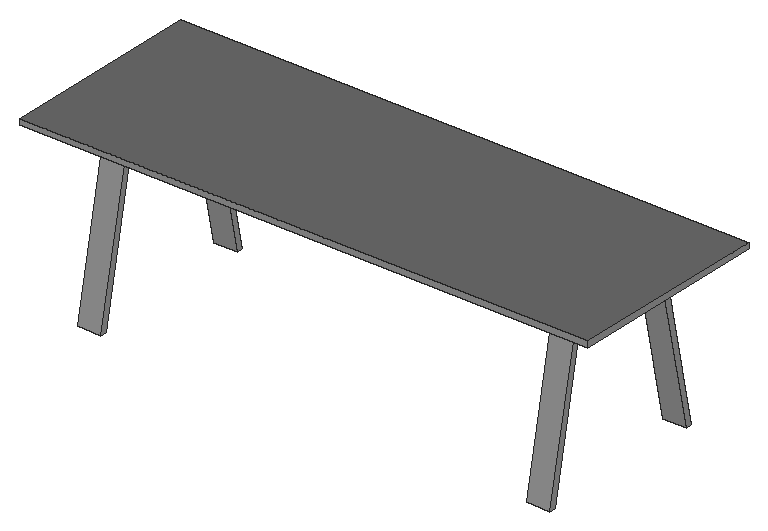
Revit family "Haworth_Cappellini_Bac_Table_Rectangle_AP_PRELIMINARY", category Furniture, Revit 2018
Family settings
  OmniClass Number = 23.40.70.14.64.21
  OmniClass Title = Systems Furniture
  Work Plane-Based = No
  Always vertical = Yes
  Cut with Voids When Loaded = No
  Shared = No
  Room Calculation Point = No
Parameters (values of type "Large Table")
  Warranty = "http://www.haworth.com/resources/product-info/warranties"
  URL - Product = "https://www.haworth.com/ap/en/products/meeting-tables/bac-table.html"
  Top Finish [instance] = Haworth _ Linoleum _ Black E8-307
  Support Offset = 200 mm  # constant formula
  Support Depth = 60.027 mm  # constant formula
  Small = not(Large)  # no
  Size = "Verify Final Dim. w/ Haworth"  # constant formula
  Model = "BACX"  # constant formula
  URL = "https://www.haworth.com/ap/en.html"
  Support Height = 110 mm  # constant formula
  Revision Number = "4"  # constant formula
  Manufacturer = "Haworth"  # constant formula
  Leg Depth = 100.013 mm  # constant formula
  Large = yes
  Description = "Haworth - Cappellini - Bac - Table - Rectangle"  # constant formula
  Base Finish [instance] = Haworth _ Wood _ Undecided _ Tables
  Author = "Haworth (Hampton, Abd Rahman)"  # constant formula
  Assembly Code = "E2020200"
  Actual Width = if(Large, 2400 mm, 2000 mm)  # 2400 mm
  Actual Height = 740 mm  # constant formula
  Table Thickness = 25 mm  # constant formula
  Actual Depth = 850 mm  # constant formula
Types (3, lengths in mm): name | Small | Large | Actual Width
  (no name) | no | yes | 2400
  Small Table | yes | no | 2000
  Large Table | no | yes | 2400
Reference planes
  plane 1 "Center F/B": y = -4.03
  plane 2 "Floor": z = 0
  plane 3 "Center L/R": x = 0
  plane 4 "Table Edge Left": x = -1200
  plane 5 "Table Edge Right": x = 1200
  plane 6 "Table Edge Front": y = -429.03
  plane 7 "Table Edge Back": y = 420.97
  plane 8 "Table Top": z = 740
  plane 9 "masking region": z = 630
  plane 10 "Table Top Bottom": z = 715
  plane 11 "Leg Inside Back": y = 25.984
  plane 12 "Leg Inside Front": y = -34.044
  plane 13 "Leg Outside Left": x = -1000
  plane 14 "Leg Outside Left 2": x = -899.988
  plane 15 "Leg Inside Left": x = -980.007
  plane 16 "Leg Inside Left 2": x = -919.98
  plane 17 "Leg Left Center": x = -949.994
  plane 18 "Leg Outside Right": x = 1000
  plane 19 "Leg Outside Right 2": x = 899.988
  plane 20 "Leg Inside Right": x = 980.007
  plane 21 "Leg Inside Right 2": x = 919.98
  plane 22 "Leg Center Right": x = 949.994
  plane 23 "Leg 1": through (12192, -225.529, 711.217) normal (0, 0.9781, -0.2079)
  plane 24 "Leg 2": through (12192, -202.957, 711.2) normal (0, 0.9781, -0.2079)
  plane 25 "Leg 4": through (12192, 217.389, 711.2) normal (0, 0.9781, 0.2079)
  plane 26 "Leg 3": through (12192, 194.978, 711.217) normal (0, 0.9781, 0.2079)
Forms (mm)
  Extrusion 1, solid, material "Haworth _ Wood _ Undecided _ Tables" <- "Base Finish"
    sketch origin (0, 0, 0) x (0, 1, 0) y (0, 0, 1)
      loop
        line (-354.127, 0) -> (-202.149, 715) -> (-224.725, 715) -> (-376.703, 0) -> (-354.127, 0)
      loop
        line (346.152, 0) -> (368.559, 0) -> (216.581, 715) -> (194.174, 715) -> (346.152, 0)
    from -1000 to -899.988
  Extrusion 2, solid, material "Haworth _ Wood _ Undecided _ Tables" <- "Base Finish"
    sketch origin (0, 0, 0) x (0, 1, 0) y (0, 0, 1)
      loop
        line (-220.217, 630) -> (212.241, 630) -> (194.174, 715) -> (-202.149, 715) -> (-220.217, 630)
    from -980.007 to -919.98
  Extrusion 3, solid, material "Haworth _ Wood _ Undecided _ Tables" <- "Base Finish"
    sketch origin (0, 0, 0) x (0, 1, 0) y (0, 0, -1)
      loop
        line (-354.127, 0) -> (-376.703, 0) -> (-224.725, -715) -> (-202.149, -715) -> (-354.127, 0)
      loop
        line (346.152, 0) -> (194.174, -715) -> (216.581, -715) -> (368.559, 0) -> (346.152, 0)
    from -1000 to -899.988
  Extrusion 4, solid, material "Haworth _ Wood _ Undecided _ Tables" <- "Base Finish"
    sketch origin (0, 0, 0) x (0, 1, 0) y (0, 0, -1)
      loop
        line (-220.217, -630) -> (-202.149, -715) -> (194.174, -715) -> (212.241, -630) -> (-220.217, -630)
    from -980.007 to -919.98
  Extrusion 5, solid, material "Haworth _ Wood _ Undecided _ Tables" <- "Base Finish"
    sketch origin (0, 0, 0) x (0, 1, 0) y (0, 0, 1)
      loop
        line (-34.044, 715) -> (-34.044, 630) -> (25.984, 630) -> (25.984, 715) -> (-34.044, 715)
    from -919.98 to 919.98
  Extrusion 6, solid, material "Haworth _ Linoleum _ Black E8-307" <- "Top Finish"
    sketch origin (0, 0, 0) x (1, 0, 0) y (0, 1, 0)
      loop
        line (-1200, 420.97) -> (-1200, -429.03) -> (1200, -429.03) -> (1200, 420.97) -> (-1200, 420.97)
    from 715 to 740
Lines and regions (mm)
  Masking region 1
    outline origin (0, 0, 630) x (0, -1, 0) y (1, 0, 0)
      loop
        line (-420.97, -1200) -> (429.03, -1200) -> (429.03, 1200) -> (-420.97, 1200) -> (-420.97, -1200)
  symbolic lines, detail levels fine
    curve 1: line (-1000, 368.109, 0) -> (-899.987, 368.109, 0)
    curve 2: line (-1000, 194.897, 0) -> (-1000, 368.109, 0)
    curve 3: line (-899.987, 194.897, 0) -> (-1000, 194.897, 0)
    curve 4: line (-899.987, 368.109, 0) -> (-899.987, 194.897, 0)
    curve 5: line (-1000, -202.149, 0) -> (-899.988, -202.149, 0)
    curve 6: line (-1000, -376.703, 0) -> (-1000, -202.149, 0)
    curve 7: line (-899.988, -376.703, 0) -> (-1000, -376.703, 0)
    curve 8: line (-899.988, -202.149, 0) -> (-899.988, -376.703, 0)
    curve 9: line (-980.007, 194.897, 0) -> (-980.007, -202.149, 0)
    curve 10: line (-919.98, 194.897, 0) -> (-919.98, -202.149, 0)
    curve 11: line (1000, 368.559, 0) -> (899.988, 368.559, 0)
    curve 12: line (1000, 194.897, 0) -> (1000, 368.559, 0)
    curve 13: line (899.988, 194.897, 0) -> (1000, 194.897, 0)
    curve 14: line (899.988, 368.559, 0) -> (899.988, 194.897, 0)
    curve 15: line (1000, -202.957, 0) -> (899.988, -202.957, 0)
    curve 16: line (1000, -376.703, 0) -> (1000, -202.957, 0)
    curve 17: line (899.988, -376.703, 0) -> (1000, -376.703, 0)
    curve 18: line (899.988, -202.957, 0) -> (899.988, -376.703, 0)
    curve 19: line (980.007, 194.897, 0) -> (980.007, -202.957, 0)
    curve 20: line (919.98, 194.897, 0) -> (919.98, -202.957, 0)
    curve 21: line (-919.98, 25.984, 0) -> (919.98, 25.984, 0)
    curve 22: line (919.98, -34.044, 0) -> (-919.98, -34.044, 0)
Dimensions and locks
  "Actual Depth": plane 7 "Table Edge Back" to plane 6 "Table Edge Front"
  "Actual Width": plane 4 "Table Edge Left" to plane 5 "Table Edge Right"
  equal spacing: plane 4 "Table Edge Left", plane 3 "Center L/R", plane 5 "Table Edge Right"
  equal spacing: plane 7 "Table Edge Back", plane 1 "Center F/B", plane 6 "Table Edge Front"
  "Actual Height": plane 8 "Table Top" to level
  "Support Height": plane 8 "Table Top" to plane 9 "masking region"
  "Table Thickness": plane 8 "Table Top" to plane 10 "Table Top Bottom"
  equal spacing: plane 11 "Leg Inside Back", plane 1 "Center F/B", plane 12 "Leg Inside Front"
  "Support Depth": plane 11 "Leg Inside Back" to plane 12 "Leg Inside Front"
  "Support Offset": plane 4 "Table Edge Left" to plane 13 "Leg Outside Left"
  equal spacing: plane 15 "Leg Inside Left", plane 17 "Leg Left Center", plane 16 "Leg Inside Left 2"
  "Support Depth": plane 15 "Leg Inside Left" to plane 16 "Leg Inside Left 2"
  equal spacing: plane 13 "Leg Outside Left", plane 17 "Leg Left Center", plane 14 "Leg Outside Left 2"
  "Leg Depth": plane 13 "Leg Outside Left" to plane 14 "Leg Outside Left 2"
  equal spacing: plane 20 "Leg Inside Right", plane 22 "Leg Center Right", plane 21 "Leg Inside Right 2"
  equal spacing: plane 18 "Leg Outside Right", plane 22 "Leg Center Right", plane 19 "Leg Outside Right 2"
  "Support Offset": plane 18 "Leg Outside Right" to plane 5 "Table Edge Right"
  "Support Depth": plane 21 "Leg Inside Right 2" to plane 20 "Leg Inside Right"
  "Leg Depth": plane 19 "Leg Outside Right 2" to plane 18 "Leg Outside Right"
  aligned and locked: Extrusion 1 to plane 13 "Leg Outside Left"
  aligned and locked: Extrusion 1 to plane 14 "Leg Outside Left 2"
  aligned: Extrusion 2 to plane 13 "Leg Outside Left"
  aligned and locked: Extrusion 2 to plane 16 "Leg Inside Left 2"
  aligned and locked: Extrusion 2 to plane 15 "Leg Inside Left"
  aligned and locked: curve 2 to Extrusion 1
  aligned and locked: curve 5 to Extrusion 1
  aligned and locked: curve 6 to Extrusion 1
  aligned and locked: curve 7 to Extrusion 1
  aligned and locked: curve 8 to Extrusion 1
  aligned and locked: Extrusion 3 to plane 18 "Leg Outside Right"
  aligned and locked: Extrusion 3 to plane 19 "Leg Outside Right 2"
  aligned and locked: Extrusion 4 to plane 20 "Leg Inside Right"
  aligned and locked: Extrusion 4 to plane 21 "Leg Inside Right 2"
  aligned and locked: curve 12 to plane 18 "Leg Outside Right"
  aligned and locked: curve 16 to plane 18 "Leg Outside Right"
  aligned and locked: plane 20 "Leg Inside Right" to curve 19
  aligned and locked: curve 20 to plane 21 "Leg Inside Right 2"
  aligned and locked: curve 18 to plane 19 "Leg Outside Right 2"
  aligned and locked: curve 14 to plane 19 "Leg Outside Right 2"
  aligned and locked: Extrusion 5 sketch curve to plane 10 "Table Top Bottom"
  aligned and locked: Extrusion 5 sketch curve to plane 12 "Leg Inside Front"
  aligned and locked: Extrusion 5 sketch curve to plane 9 "masking region"
  aligned and locked: Extrusion 5 sketch curve to plane 11 "Leg Inside Back"
  aligned and locked: plane 16 "Leg Inside Left 2" to Extrusion 5
  aligned and locked: plane 21 "Leg Inside Right 2" to Extrusion 5
  aligned and locked: Extrusion 6 sketch curve to plane 7 "Table Edge Back"
  aligned and locked: plane 4 "Table Edge Left" to Extrusion 6 sketch curve
  aligned and locked: plane 6 "Table Edge Front" to Extrusion 6 sketch curve
  aligned and locked: Extrusion 6 sketch curve to plane 5 "Table Edge Right"
  aligned and locked: Extrusion 6 to plane 8 "Table Top"
  aligned and locked: Extrusion 6 to plane 10 "Table Top Bottom"
  aligned and locked: plane 10 "Table Top Bottom" to Extrusion 4
  aligned and locked: Extrusion 4 to plane 24 "Leg 2"
  aligned and locked: Extrusion 4 to plane 26 "Leg 3"
  aligned and locked: plane 9 "masking region" to Extrusion 4
  aligned and locked: plane 9 "masking region" to Extrusion 2
  aligned and locked: plane 10 "Table Top Bottom" to Extrusion 2
  aligned and locked: plane 10 "Table Top Bottom" to Extrusion 3  (x2)
  aligned and locked: plane 10 "Table Top Bottom" to Extrusion 1  (x2)
  aligned and locked: Extrusion 1 to level  (x2)
  aligned and locked: Extrusion 3 to level  (x2)
  aligned and locked: plane 24 "Leg 2" to Extrusion 3
  aligned and locked: Extrusion 3 to plane 23 "Leg 1"
  aligned and locked: Extrusion 3 to plane 26 "Leg 3"
  aligned and locked: Extrusion 3 to plane 25 "Leg 4"
  aligned and locked: curve 21 to plane 11 "Leg Inside Back"
  aligned and locked: curve 22 to plane 12 "Leg Inside Front"
  aligned and locked: Extrusion 3 sketch curve to plane 26 "Leg 3"
  aligned and locked: Extrusion 3 sketch curve to plane 25 "Leg 4"
  aligned and locked: level to Extrusion 3 sketch curve
  aligned and locked: Extrusion 3 sketch curve to plane 10 "Table Top Bottom"
  aligned and locked: plane 10 "Table Top Bottom" to Extrusion 3 sketch curve
  aligned and locked: plane 23 "Leg 1" to Extrusion 3 sketch curve
  aligned and locked: plane 24 "Leg 2" to Extrusion 3 sketch curve
  aligned and locked: Extrusion 3 sketch curve to level
  aligned and locked: Extrusion 4 sketch curve to plane 26 "Leg 3"
  aligned and locked: plane 24 "Leg 2" to Extrusion 4 sketch curve
  aligned and locked: Extrusion 4 sketch curve to plane 9 "masking region"
  aligned and locked: Extrusion 4 sketch curve to plane 10 "Table Top Bottom"
  aligned and locked: Masking region 1 sketch curve to plane 7 "Table Edge Back"
  aligned and locked: plane 4 "Table Edge Left" to Masking region 1 sketch curve
  aligned and locked: plane 6 "Table Edge Front" to Masking region 1 sketch curve
  aligned and locked: Masking region 1 sketch curve to plane 5 "Table Edge Right"
  aligned and locked: plane 24 "Leg 2" to Extrusion 2 sketch curve
  aligned and locked: Extrusion 2 sketch curve to plane 26 "Leg 3"
  aligned and locked: Extrusion 2 sketch curve to plane 10 "Table Top Bottom"
  aligned and locked: Extrusion 2 sketch curve to plane 9 "masking region"
  aligned and locked: plane 23 "Leg 1" to Extrusion 1 sketch curve
  aligned and locked: plane 24 "Leg 2" to Extrusion 1 sketch curve
  aligned and locked: Extrusion 1 sketch curve to plane 26 "Leg 3"
  aligned and locked: Extrusion 1 sketch curve to plane 25 "Leg 4"
  aligned and locked: Extrusion 1 sketch curve to plane 10 "Table Top Bottom"
  aligned and locked: plane 10 "Table Top Bottom" to Extrusion 1 sketch curve
  aligned and locked: Extrusion 1 sketch curve to level
  aligned and locked: level to Extrusion 1 sketch curve
Automatic sketch dimensions
  curve 9 to plane 15 "Leg Inside Left" = 0 mm
  curve 21 to plane 16 "Leg Inside Left 2" = 0 mm
  curve 4 to plane 14 "Leg Outside Left 2" = 0 mm
  plane 6 "Table Edge Front" to curve 18 = 52.327 mm
  plane 12 "Leg Inside Front" to curve 16 = 168.913 mm
  plane 11 "Leg Inside Back" to curve 13 = 168.913 mm
  plane 11 "Leg Inside Back" to curve 4 = 168.913 mm
  curve 1 to plane 7 "Table Edge Back" = 52.861 mm
  curve 11 to plane 7 "Table Edge Back" = 52.411 mm
